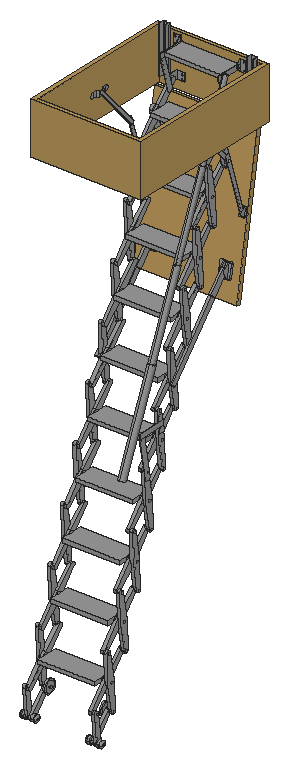
Revit family "schaartrap_Small+ 700x1000mm", category Generic Models, Revit 2019
Family settings
  Can host rebar = No
  Round Connector Dimension = Use Diameter
  Part Type = Normal
  Work Plane-Based = Yes
  Always vertical = Yes
  Cut with Voids When Loaded = No
  Shared = Yes
  Room Calculation Point = No
Parameters
  schaartrap = gietaluminium
  deksel = hout
  bovenliggende treden = yes
  URL = "https://www.gortergroup.com/nl/producten/ladders-en-trappen/schaartrappen/small.html"
  Model = "Small+ 700x1000mm"  # constant formula
  Default Elevation = 1219.2 mm
Reference planes
  plane 1 "Center (Front/Back)": y = 0
  plane 2: z = 0
  plane 3 "Center (Left/Right)": x = 0
  plane 4: x = 183
  plane 5: x = -183
  plane 6: x = 203
  plane 7: x = 223
  plane 8: x = -203
  plane 9: x = -223
  plane 10: x = 253
  plane 11: x = 342.5
  plane 12: x = -342.5
  plane 13: x = 317.5
  plane 14: x = -317.5
  plane 15: x = 187
  plane 16 "bk. omtimmering": z = 3320.001
  plane 17: z = 3000.001
  plane 18: y = 242.682
  plane 19: y = 1204.682
  plane 20: z = 3135.001
  plane 21: z = 3165.001
  plane 22: z = 3150.001
  plane 23: y = 686.932
  plane 24: y = 598.432
  plane 25: z = 3350.001
  plane 26: z = 3050.001
  plane 27: z = 3070.001
  plane 28: z = 3120.001
  plane 29: y = 1013.213
  plane 30 "traplijn": through (0, 968.74, 3290.82) normal (0, -0.9544, 0.2984)
  plane 31: y = 1232.682
  plane 32: y = 42.682
Forms (mm)
  Extrusion 1, solid, material "gietaluminium" <- "schaartrap", not visible
    sketch origin (0, -398.122, -16.699) x (0, 1, 0) y (0, 0, 1)
      loop
        arc (1345.27, 679.356) -> (1359.342, 680.691) -> (1360.501, 694.779) r 11.009
        arc (1360.501, 694.779) -> (1302.018, 771.51) -> (1238.126, 843.8) r 1330.136
        arc (1238.126, 843.8) -> (1184.721, 896.887) -> (1128.398, 946.866) r 1330.136
        arc (1128.398, 946.866) -> (1113.768, 946.811) -> (1112.128, 932.273) r 11.002
        arc (1112.128, 932.273) -> (1169.778, 856.571) -> (1232.692, 785.185) r 1330.136
        arc (1232.692, 785.185) -> (1287.443, 730.634) -> (1345.27, 679.356) r 1330.136
      loop
        arc (1247.649, 973.493) -> (1261.722, 974.828) -> (1262.881, 988.916) r 11.009
        arc (1262.881, 988.916) -> (1204.397, 1065.647) -> (1140.506, 1137.937) r 1330.136
        arc (1140.506, 1137.937) -> (1087.101, 1191.024) -> (1030.777, 1241.003) r 1330.136
        arc (1030.777, 1241.003) -> (1016.147, 1240.948) -> (1014.507, 1226.41) r 11.002
        arc (1014.507, 1226.41) -> (1072.157, 1150.708) -> (1135.072, 1079.322) r 1330.136
        arc (1135.072, 1079.322) -> (1189.822, 1024.772) -> (1247.649, 973.493) r 1330.136
      loop
        arc (1150.028, 1267.63) -> (1164.101, 1268.965) -> (1165.26, 1283.053) r 11.009
        arc (1165.26, 1283.053) -> (1106.776, 1359.784) -> (1042.885, 1432.074) r 1330.136
        arc (1042.885, 1432.074) -> (989.48, 1485.161) -> (933.156, 1535.141) r 1330.136
        arc (933.156, 1535.141) -> (918.526, 1535.085) -> (916.887, 1520.547) r 11.002
        arc (916.887, 1520.547) -> (974.536, 1444.846) -> (1037.451, 1373.459) r 1330.136
        arc (1037.451, 1373.459) -> (1092.202, 1318.909) -> (1150.028, 1267.63) r 1330.136
      loop
        arc (1052.408, 1561.768) -> (1066.48, 1563.102) -> (1067.639, 1577.19) r 11.009
        arc (1067.639, 1577.19) -> (1009.156, 1653.922) -> (945.264, 1726.212) r 1330.136
        arc (945.264, 1726.212) -> (891.859, 1779.298) -> (835.536, 1829.278) r 1330.136
        arc (835.536, 1829.278) -> (820.905, 1829.223) -> (819.266, 1814.684) r 11.002
        arc (819.266, 1814.684) -> (876.916, 1738.983) -> (939.83, 1667.596) r 1330.136
        arc (939.83, 1667.596) -> (994.581, 1613.046) -> (1052.408, 1561.768) r 1330.136
      loop
        arc (954.787, 1855.905) -> (968.859, 1857.24) -> (970.018, 1871.328) r 11.009
        arc (970.018, 1871.328) -> (911.535, 1948.059) -> (847.643, 2020.349) r 1330.136
        arc (847.643, 2020.349) -> (794.238, 2073.436) -> (737.915, 2123.415) r 1330.136
        arc (737.915, 2123.415) -> (723.284, 2123.36) -> (721.645, 2108.821) r 11.002
        arc (721.645, 2108.821) -> (779.295, 2033.12) -> (842.209, 1961.734) r 1330.136
        arc (842.209, 1961.734) -> (896.96, 1907.183) -> (954.787, 1855.905) r 1330.136
      loop
        arc (857.166, 2150.042) -> (871.238, 2151.377) -> (872.397, 2165.465) r 11.009
        arc (872.397, 2165.465) -> (813.914, 2242.196) -> (750.022, 2314.486) r 1330.136
        arc (750.022, 2314.486) -> (696.618, 2367.573) -> (640.294, 2417.552) r 1330.136
        arc (640.294, 2417.552) -> (625.664, 2417.497) -> (624.024, 2402.959) r 11.002
        arc (624.024, 2402.959) -> (681.674, 2327.257) -> (744.588, 2255.871) r 1330.136
        arc (744.588, 2255.871) -> (799.339, 2201.32) -> (857.166, 2150.042) r 1330.136
      loop
        arc (759.545, 2444.179) -> (773.618, 2445.514) -> (774.777, 2459.602) r 11.009
        arc (774.777, 2459.602) -> (716.293, 2536.333) -> (652.402, 2608.623) r 1330.136
        arc (652.402, 2608.623) -> (598.997, 2661.71) -> (542.673, 2711.689) r 1330.136
        arc (542.673, 2711.689) -> (528.043, 2711.634) -> (526.403, 2697.096) r 11.002
        arc (526.403, 2697.096) -> (584.053, 2621.394) -> (646.968, 2550.008) r 1330.136
        arc (646.968, 2550.008) -> (701.719, 2495.458) -> (759.545, 2444.179) r 1330.136
      loop
        arc (661.925, 2738.316) -> (675.997, 2739.651) -> (677.156, 2753.739) r 11.009
        arc (677.156, 2753.739) -> (618.672, 2830.47) -> (554.781, 2902.761) r 1330.136
        arc (554.781, 2902.761) -> (501.376, 2955.847) -> (445.052, 3005.827) r 1330.136
        arc (445.052, 3005.827) -> (430.422, 3005.771) -> (428.783, 2991.233) r 11.002
        arc (428.783, 2991.233) -> (486.433, 2915.532) -> (549.347, 2844.145) r 1330.136
        arc (549.347, 2844.145) -> (604.098, 2789.595) -> (661.925, 2738.316) r 1330.136
      loop
        arc (564.304, 3032.454) -> (578.376, 3033.789) -> (579.535, 3047.877) r 11.009
        arc (579.535, 3047.877) -> (521.052, 3124.608) -> (457.16, 3196.898) r 1330.136
        arc (457.16, 3196.898) -> (403.755, 3249.984) -> (347.432, 3299.964) r 1330.136
        arc (347.432, 3299.964) -> (332.801, 3299.909) -> (331.162, 3285.37) r 11.002
        arc (331.162, 3285.37) -> (388.812, 3209.669) -> (451.726, 3138.283) r 1330.136
        arc (451.726, 3138.283) -> (506.477, 3083.732) -> (564.304, 3032.454) r 1330.136
      loop
        arc (466.683, 3326.591) -> (480.755, 3327.926) -> (481.914, 3342.014) r 11.009
        arc (481.914, 3342.014) -> (423.431, 3418.745) -> (359.539, 3491.035) r 1330.136
        arc (359.539, 3491.035) -> (306.134, 3544.122) -> (249.811, 3594.101) r 1330.136
        arc (249.811, 3594.101) -> (235.181, 3594.046) -> (233.541, 3579.508) r 11.002
        arc (233.541, 3579.508) -> (291.191, 3503.806) -> (354.105, 3432.42) r 1330.136
        arc (354.105, 3432.42) -> (408.856, 3377.869) -> (466.683, 3326.591) r 1330.136
      loop
        arc (1226.374, 652.401) -> (1211.234, 652.532) -> (1210.3, 637.42) r 11.002
        line (1210.3, 637.42) -> (1323.446, 508.611)
        arc (1323.446, 508.611) -> (1344.097, 508.367) -> (1345.549, 528.968) r 15.051
        line (1345.549, 528.968) -> (1226.374, 652.401)
    from 366 to 386
  Extrusion 2, solid, material "gietaluminium" <- "schaartrap", not visible
    sketch origin (0, -398.122, -16.699) x (0, 1, 0) y (0, 0, 1)
      loop
        arc (1012.247, 1232.397) -> (1022.107, 1221.739) -> (1033.947, 1230.143) r 11
        arc (1033.947, 1230.143) -> (1062.693, 1399.497) -> (1069.374, 1571.143) r 1330.136
        arc (1069.374, 1571.143) -> (1059.514, 1581.801) -> (1047.674, 1573.397) r 11
        arc (1047.674, 1573.397) -> (1018.928, 1404.043) -> (1012.247, 1232.397) r 1330.136
      loop
        arc (1109.834, 938.249) -> (1119.694, 927.591) -> (1131.534, 935.994) r 11
        arc (1131.534, 935.994) -> (1160.28, 1105.348) -> (1166.961, 1276.994) r 1330.136
        arc (1166.961, 1276.994) -> (1157.101, 1287.653) -> (1145.261, 1279.249) r 11
        arc (1145.261, 1279.249) -> (1116.515, 1109.895) -> (1109.834, 938.249) r 1330.136
      loop
        arc (1207.422, 644.05) -> (1217.282, 633.392) -> (1229.122, 641.796) r 11
        arc (1229.122, 641.796) -> (1257.867, 811.15) -> (1264.548, 982.796) r 1330.136
        arc (1264.548, 982.796) -> (1254.689, 993.454) -> (1242.849, 985.05) r 11
        arc (1242.849, 985.05) -> (1214.103, 815.696) -> (1207.422, 644.05) r 1330.136
      loop
        arc (914.661, 1526.546) -> (924.52, 1515.887) -> (936.36, 1524.291) r 11
        arc (936.36, 1524.291) -> (965.106, 1693.645) -> (971.787, 1865.291) r 1330.136
        arc (971.787, 1865.291) -> (961.927, 1875.95) -> (950.087, 1867.546) r 11
        arc (950.087, 1867.546) -> (921.341, 1698.192) -> (914.661, 1526.546) r 1330.136
      loop
        arc (817.074, 1820.694) -> (826.933, 1810.036) -> (838.773, 1818.44) r 11
        arc (838.773, 1818.44) -> (867.519, 1987.794) -> (874.2, 2159.44) r 1330.136
        arc (874.2, 2159.44) -> (864.34, 2170.098) -> (852.5, 2161.694) r 11
        arc (852.5, 2161.694) -> (823.755, 1992.34) -> (817.074, 1820.694) r 1330.136
      loop
        arc (719.487, 2114.843) -> (729.346, 2104.184) -> (741.187, 2112.588) r 11
        arc (741.187, 2112.588) -> (769.932, 2281.942) -> (776.613, 2453.588) r 1330.136
        arc (776.613, 2453.588) -> (766.753, 2464.246) -> (754.913, 2455.843) r 11
        arc (754.913, 2455.843) -> (726.168, 2286.489) -> (719.487, 2114.843) r 1330.136
      loop
        arc (621.9, 2408.991) -> (631.76, 2398.333) -> (643.6, 2406.737) r 11
        arc (643.6, 2406.737) -> (672.345, 2576.091) -> (679.026, 2747.737) r 1330.136
        arc (679.026, 2747.737) -> (669.166, 2758.395) -> (657.326, 2749.991) r 11
        arc (657.326, 2749.991) -> (628.581, 2580.637) -> (621.9, 2408.991) r 1330.136
      loop
        arc (524.313, 2703.14) -> (534.173, 2692.481) -> (546.013, 2700.885) r 11
        arc (546.013, 2700.885) -> (574.758, 2870.239) -> (581.439, 3041.885) r 1330.136
        arc (581.439, 3041.885) -> (571.58, 3052.543) -> (559.739, 3044.139) r 11
        arc (559.739, 3044.139) -> (530.994, 2874.786) -> (524.313, 2703.14) r 1330.136
      loop
        arc (426.726, 2997.288) -> (436.586, 2986.63) -> (448.426, 2995.034) r 11
        arc (448.426, 2995.034) -> (477.171, 3164.387) -> (483.852, 3336.034) r 1330.136
        arc (483.852, 3336.034) -> (473.993, 3346.692) -> (462.153, 3338.288) r 11
        arc (462.153, 3338.288) -> (433.407, 3168.934) -> (426.726, 2997.288) r 1330.136
      loop
        arc (329.163, 3291.311) -> (339.005, 3280.669) -> (350.826, 3289.058) r 10.981
        arc (350.826, 3289.058) -> (367.995, 3373.596) -> (379.646, 3459.068) r 1330.146
        arc (379.646, 3459.068) -> (361.32, 3483.092) -> (336.219, 3466.272) r 22.051
        arc (336.219, 3466.272) -> (329.809, 3378.908) -> (329.163, 3291.311) r 1330.092
      loop
        line (1340.228, 689.759) -> (1318.416, 519.062)
        arc (1318.416, 519.062) -> (1332.005, 504.248) -> (1348.349, 515.952) r 15.158
        line (1348.349, 515.952) -> (1362.129, 687.902)
        arc (1362.129, 687.902) -> (1352.068, 699.325) -> (1340.228, 689.759) r 11
    from 386 to 406
  Extrusion 3, solid, material "gietaluminium" <- "schaartrap", not visible
    sketch origin (0, -403.664, 0) x (0, 1, 0) y (0, 0, 1)
      loop
        circle (1356.681, 671.665) r 5.05
      loop
        circle (1241.474, 797.045) r 5.05
      loop
        circle (1224.277, 627.784) r 5
      loop
        circle (1259.078, 965.75) r 5.05
      loop
        circle (1143.871, 1091.13) r 5.05
      loop
        circle (1126.673, 921.869) r 5
      loop
        circle (1161.636, 1259.347) r 5.05
      loop
        circle (1046.429, 1384.727) r 5.05
      loop
        circle (1029.232, 1215.466) r 5
      loop
        circle (1063.882, 1553.888) r 5.05
      loop
        circle (948.675, 1679.268) r 5.05
      loop
        circle (931.477, 1510.007) r 5
      loop
        circle (966.261, 1848.025) r 5.05
      loop
        circle (851.054, 1973.405) r 5.05
      loop
        circle (833.857, 1804.144) r 5
      loop
        circle (868.552, 2142.428) r 5.05
      loop
        circle (753.345, 2267.808) r 5.05
      loop
        circle (736.147, 2098.547) r 5
      loop
        circle (771.019, 2436.299) r 5.05
      loop
        circle (655.812, 2561.679) r 5.05
      loop
        circle (638.615, 2392.418) r 5
      loop
        circle (673.356, 2730.565) r 5.05
      loop
        circle (558.149, 2855.946) r 5.05
      loop
        circle (540.951, 2686.684) r 5
      loop
        circle (575.778, 3024.574) r 5.05
      loop
        circle (460.571, 3149.954) r 5.05
      loop
        circle (443.373, 2980.693) r 5
      loop
        circle (478.167, 3318.679) r 5.05
      loop
        circle (362.96, 3444.06) r 5.05
      loop
        circle (345.763, 3274.798) r 5
    from 406 to 411
  Extrusion 4, solid, material "gietaluminium" <- "schaartrap", not visible
    sketch origin (-7, 909.419, 480.751) x (0, 1, 0) y (0, 0, 1)
      loop
        arc (-64.83, 115.163) -> (-50.666, 158.467) -> (-86.234, 186.941) r 40
        arc (-86.234, 186.941) -> (-127.33, 135.606) -> (-64.83, 115.163) r 40
      loop
        arc (-67.678, 116.796) -> (-53.579, 157.739) -> (-87.993, 184.023) r 37
        arc (-87.993, 184.023) -> (-124.416, 136.334) -> (-67.678, 116.796) r 37
    from 359 to 370
  Extrusion 5, solid, material "gietaluminium" <- "schaartrap", not visible
    sketch origin (183, 909.419, 480.751) x (0, 1, 0) y (0, 0, 1)
      loop
        arc (-87.993, 184.023) -> (-124.416, 136.334) -> (-67.678, 116.796) r 37
        arc (-67.678, 116.796) -> (-53.579, 157.739) -> (-87.993, 184.023) r 37
    from 173 to 176.5
  Extrusion 6, solid, material "gietaluminium" <- "schaartrap", not visible
    sketch origin (701, 909.419, 480.751) x (0, 1, 0) y (0, 0, -1)
      loop
        circle (-88.998, -147.037) r 5
    from 359 to 335
  Sweep 7, solid, material "gietaluminium" <- "schaartrap", not visible
    path origin (216.86, 0, 0) x (0, 1, 0) y (0, 0, 1)
      loop
        line (138.969, 1377.523) -> (358.716, 1926.151)
    profile origin (216.86, 248.843, 1651.837) x (0, -0.928304, 0.371822) y (1, 0, 0)
      loop
        circle (0, 0) r 20
  Sweep 8, solid, material "gietaluminium" <- "schaartrap", not visible
    path origin (216.86, 219.747, 548.628) x (0, 1, 0) y (0, 0, 1)
      loop
        line (138.969, 1377.523) -> (326.789, 1846.441)
    profile origin (216.86, 452.626, 2160.61) x (0, -0.928304, 0.371822) y (1, 0, 0)
      loop
        circle (0, 0) r 17.5
  Sweep 9, solid, material "gietaluminium" <- "schaartrap", not visible
    path origin (216.86, 407.566, 1017.546) x (0, 1, 0) y (0, 0, 1)
      loop
        line (138.969, 1377.523) -> (326.023, 1844.528)
    profile origin (216.86, 640.062, 2628.571) x (0, -0.928304, 0.371822) y (1, 0, 0)
      loop
        circle (0, 0) r 15
  Sweep 10, solid, material "gietaluminium" <- "schaartrap", not visible
    path origin (216.86, 594.62, 1484.55) x (0, 1, 0) y (0, 0, 1)
      loop
        line (138.969, 1377.523) -> (311.867, 1809.184)
    profile origin (216.86, 820.038, 3077.904) x (0, -0.928304, 0.371822) y (1, 0, 0)
      loop
        circle (0, 0) r 12.5
  Extrusion 11, solid, material "gietaluminium" <- "schaartrap", not visible
    sketch origin (0, -55.079, 2.903) x (0, 0.999391, -0.034899) y (0, 0.034899, 0.999391)
      loop
        line (257, 1578.327) -> (321.445, 1318.401)
        arc (321.445, 1318.401) -> (337.162, 1316.563) -> (350.833, 1324.53) r 25
        line (350.833, 1324.53) -> (286.119, 1585.546)
        arc (286.119, 1585.546) -> (270.356, 1586.789) -> (257, 1578.327) r 25
    from 228 to 223
  Extrusion 12, solid, material "gietaluminium" <- "schaartrap", not visible
    sketch origin (0, -54.808, 2.422) x (0, 0.999391, -0.034899) y (0, 0.034899, 0.999391)
      loop
        line (427.314, 1610.964) -> (260.054, 1590.65)
        arc (260.054, 1590.65) -> (257.872, 1575.275) -> (263.671, 1560.869) r 30
        line (263.671, 1560.869) -> (428.945, 1580.942)
        arc (428.945, 1580.942) -> (432.162, 1596.172) -> (427.314, 1610.964) r 30
    from 228 to 233
  Extrusion 13, solid, material "gietaluminium" <- "schaartrap", not visible
    sketch origin (0, -4.787, -18.834) x (0, 1, 0) y (0, 0, 1)
      loop
        arc (417.587, 1545.835) -> (432.962, 1543.654) -> (447.368, 1549.452) r 30
        line (447.368, 1549.452) -> (435.678, 1645.707)
        arc (435.678, 1645.707) -> (420.302, 1647.888) -> (405.896, 1642.09) r 30
        line (405.896, 1642.09) -> (417.587, 1545.835)
    from 223 to 228
  Extrusion 14, solid, material "gietaluminium" <- "schaartrap", not visible
    sketch origin (0, 0.135, -7.499) x (0, 1, 0) y (0, 0, 1)
      loop
        line (280.038, 1590.328) -> (244.48, 1604.57) -> (233.326, 1576.721) -> (269.458, 1562.249)
        arc (269.458, 1562.249) -> (279.429, 1574.524) -> (280.038, 1590.328) r 25
    from 218 to 223
  Extrusion 15, solid, material "gietaluminium" <- "schaartrap", not visible
    sketch origin (160, 484.38, 1410.412) x (0, -0.984808, 0.173648) y (0, -0.173648, -0.984808)
      loop
        line (1092.668, -2221.443) -> (1080.939, -2154.925) -> (1067.888, -2182.785)
        arc (1067.888, -2182.785) -> (1066.785, -2192.201) -> (1071.549, -2200.398) r 15
        line (1071.549, -2200.398) -> (1092.668, -2221.443)
    from 206 to 210
  Extrusion 16, solid, material "gietaluminium" <- "schaartrap", not visible
    sketch origin (183, 1054.774, 482.845) x (0, -1, 0) y (0, 0, 1)
      loop
        circle (1250.616, 3274.338) r 5.05
    from -192 to -187
  Extrusion 17, solid, material "gietaluminium" <- "schaartrap", not visible
    sketch origin (183, 910.361, 505.654) x (0, 0.999688, 0.024992) y (0, -0.024992, 0.999688)
      loop
        line (-802.155, 2108.52) -> (-505.482, 1739.241) -> (-482.094, 1758.03) -> (-778.767, 2127.31) -> (-802.155, 2108.52)
      loop
        circle (-503.813, 1759.823) r 5.25
      loop
        circle (-516.339, 1775.415) r 5.25
      loop
        circle (-528.865, 1791.006) r 5.25
    from 223 to 238
  Extrusion 18, solid, material "gietaluminium" <- "schaartrap", not visible
    sketch origin (183, 983.156, 601.053) x (0, 0.999688, 0.024992) y (0, -0.024992, 0.999688)
      loop
        line (-973.518, 2130.732) -> (-879.26, 2013.405) -> (-851.974, 2035.326) -> (-946.233, 2152.653) -> (-973.518, 2130.732)
    from 223 to 238
  Extrusion 19, solid, material "gietaluminium" <- "schaartrap", not visible
    sketch origin (183, 1054.774, 482.845) x (0, 1, 0) y (0, 0, 1)
      loop
        line (-1097.768, 2267.866) -> (-1082.779, 2182.859) -> (-1064.873, 2221.083)
        arc (-1064.873, 2221.083) -> (-1063.528, 2228.913) -> (-1066.371, 2236.332) r 15
        line (-1066.371, 2236.332) -> (-1067.868, 2238.071) -> (-1097.768, 2267.866)
    from 238 to 246
  Extrusion 20, solid, material "gietaluminium" <- "schaartrap", not visible
    sketch origin (160, 1054.774, 482.845) x (0, 1, 0) y (0, 0, 1)
      loop
        line (-1097.768, 2267.866) -> (-1082.779, 2182.859) -> (-1064.873, 2221.083)
        arc (-1064.873, 2221.083) -> (-1063.528, 2228.913) -> (-1066.371, 2236.332) r 15
        line (-1066.371, 2236.332) -> (-1067.868, 2238.071) -> (-1097.768, 2267.866)
    from 238 to 246
  Extrusion 21, solid, material "gietaluminium" <- "schaartrap", not visible
    sketch origin (192.5, 1142.714, 482.845) x (0, -1, 0) y (0, 0, 1)
      loop
        line (1206.454, 2553.066) -> (1224.422, 2562.673) -> (1113.751, 2921.922) -> (1094.637, 2916.034) -> (1206.454, 2553.066)
    from -294 to -290
  Extrusion 22, solid, material "gietaluminium" <- "schaartrap", not visible
    sketch origin (192.5, 1054.774, 482.845) x (0, -1, 0) y (0, 0, 1)
      loop
        arc (1120.072, 2553.899) -> (1116.992, 2549.65) -> (1118.432, 2544.603) r 6
        line (1118.432, 2544.603) -> (1145.758, 2514.114) -> (1156.177, 2573.203) -> (1120.072, 2553.899)
      loop
        circle (1130.779, 2547.218) r 4
    from -298 to -294
  Extrusion 23, solid, not visible
    sketch origin (192.5, 1142.714, 482.845) x (0, -1, 0) y (0, 0, 1)
      loop
        circle (1114.793, 2884.573) r 4
    from -299 to -294
  Extrusion 24, solid, material "gietaluminium" <- "schaartrap", not visible
    sketch origin (183, 1797.488, 0) x (0, -1, 0) y (0, 0, -1)
      loop
        circle (959.678, -797.045) r 21
      loop
        circle (1057.298, -1091.182) r 21
      loop
        circle (1155.076, -1385.792) r 21
      loop
        circle (1252.54, -1679.457) r 21
      loop
        circle (1350.272, -1973.929) r 21
      loop
        circle (1447.87, -2267.997) r 21
      loop
        circle (1545.468, -2562.066) r 21
      loop
        circle (1643.066, -2856.135) r 21
      loop
        circle (1740.664, -3150.203) r 21
      loop
        circle (1838.265, -3444.28) r 21
    from 183 to 180
  Extrusion 25, solid, material "gietaluminium" <- "schaartrap"
    sketch origin (0, 941.744, -482.845) x (0, -1, 0) y (0, 0, -1)
      loop
        line (849.31, -814.091) -> (849.31, -790.099) -> (712.31, -790.099) -> (712.31, -814.091) -> (849.31, -814.091)
      loop
        line (751.707, -1108.177) -> (751.707, -1084.184) -> (614.707, -1084.184) -> (614.707, -1108.177) -> (751.707, -1108.177)
      loop
        line (654.265, -1401.773) -> (654.265, -1377.781) -> (517.265, -1377.781) -> (517.265, -1401.773) -> (654.265, -1401.773)
      loop
        line (556.511, -1696.314) -> (556.511, -1672.322) -> (419.511, -1672.322) -> (419.511, -1696.314) -> (556.511, -1696.314)
      loop
        line (458.756, -1990.854) -> (458.756, -1966.862) -> (321.756, -1966.862) -> (321.756, -1990.854) -> (458.756, -1990.854)
      loop
        line (361.002, -2285.395) -> (361.002, -2261.403) -> (224.002, -2261.403) -> (224.002, -2285.395) -> (361.002, -2285.395)
      loop
        line (263.247, -2579.935) -> (263.247, -2555.943) -> (126.247, -2555.943) -> (126.247, -2579.935) -> (263.247, -2579.935)
      loop
        line (165.492, -2874.476) -> (165.492, -2850.484) -> (28.492, -2850.484) -> (28.492, -2874.476) -> (165.492, -2874.476)
      loop
        line (67.738, -3169.016) -> (67.738, -3145.024) -> (-69.262, -3145.024) -> (-69.262, -3169.016) -> (67.738, -3169.016)
      loop
        line (-30.017, -3463.557) -> (-30.017, -3439.564) -> (-167.017, -3439.564) -> (-167.017, -3463.557) -> (-30.017, -3463.557)
      loop
        line (-127.772, -3758.097) -> (-127.772, -3734.105) -> (-264.772, -3734.105) -> (-264.772, -3758.097) -> (-127.772, -3758.097)
    from -176.5 to 176.5
  Extrusion 26, solid, material "gietaluminium" <- "schaartrap"
    sketch origin (-629, 86.97, 0) x (0, -1, 0) y (0, 0, -1)
      loop
        circle (23.97, -20) r 20
    from 446 to 466
  Sweep 27, solid, material "gietaluminium" <- "schaartrap"
    path origin (-163, 86.97, 0) x (0, -1, 0) y (0, 0, -1)
      loop
        circle (23.97, -20) r 20
    profile origin (-163, 63, 40) x (0, 0, -1) y (1, 0, 0)
      loop
        line (7.976, 0) -> (7.976, 10)
        arc (7.976, 10) -> (2.238, 6.396) -> (0, 0) r 10.257
        line (0, 0) -> (7.976, 0)
  Extrusion 28, solid, material "gietaluminium" <- "schaartrap"
    sketch origin (223, 86.97, 0) x (0, -1, 0) y (0, 0, 1)
      loop
        circle (23.97, 20) r 20
    from 446 to 466
  Sweep 29, solid, material "gietaluminium" <- "schaartrap"
    path origin (-243, 86.97, 0) x (0, -1, 0) y (0, 0, 1)
      loop
        circle (23.97, 20) r 20
    profile origin (-243, 63, 40) x (0, 0, 1) y (-1, 0, 0)
      loop
        line (-7.976, 0) -> (0, 0)
        arc (0, 0) -> (-2.238, 6.396) -> (-7.976, 10) r 10.257
        line (-7.976, 10) -> (-7.976, 0)
  Sweep 30, solid, material "hout" <- "deksel"
    path origin (0, 0, 3320.001) x (0, 1, 0) y (-1, 0, 0)
      loop
        line (1232.682, 342.5) -> (242.682, 342.5) -> (242.682, -342.5) -> (1232.682, -342.5) -> (1232.682, 342.5)
    profile origin (0, 1232.682, 3320.001) x (0, 1, 0) y (0, 0, 1)
      loop
        line (0, 0) -> (-24, 0) -> (-24, -320) -> (0, -320) -> (0, 0)
  Extrusion 31, solid, material "gietaluminium" <- "schaartrap"
    sketch origin (0, 143.97, 0) x (1, 0, 0) y (0, 0, 1)
      loop
        line (-223, 3305.001) -> (-223, 3236.875) -> (-183, 3236.875) -> (-183, 3305.001) -> (-223, 3305.001)
      loop
        circle (-212.846, 3295.232) r 5
      loop
        circle (-212.846, 3246.644) r 5
    from -1064.712 to -1060.712
  Extrusion 32, solid, material "gietaluminium" <- "schaartrap"
    sketch origin (0, 143.97, 0) x (-1, 0, 0) y (0, 0, -1)
      loop
        line (-223, -3305.001) -> (-183, -3305.001) -> (-183, -3236.875) -> (-223, -3236.875) -> (-223, -3305.001)
      loop
        circle (-212.846, -3295.232) r 5
      loop
        circle (-212.846, -3246.644) r 5
    from -1064.712 to -1060.712
  Extrusion 33, solid, material "gietaluminium" <- "schaartrap"
    sketch origin (0, 143.97, 0) x (1, 0, 0) y (0, 1, 0)
      loop
        line (-318.5, 647.962) -> (-318.5, 624.3) -> (-302.5, 613.097) -> (-302.5, 584.328) -> (-318.5, 573.125) -> (-318.5, 549.462) -> (-315.5, 549.462) -> (-315.5, 571.563) -> (-299.5, 582.766) -> (-299.5, 614.658) -> (-315.5, 625.862) -> (-315.5, 647.962) -> (-318.5, 647.962)
    from 3135.001 to 3165.001
  Extrusion 34, void
    sketch origin (0, 143.97, 0) x (0, 1, 0) y (0, 0, 1)
      loop
        circle (557.712, 3150.001) r 3.25
      loop
        circle (639.712, 3150.001) r 3.25
    from -342.5 to 342.5
  Extrusion 35, solid, material "gietaluminium" <- "schaartrap"
    sketch origin (-9.5, 143.97, 0) x (0, 1, 0) y (0, 0, 1)
      loop
        arc (603.094, 3160.245) -> (588.992, 3161.311) -> (587.926, 3147.209) r 10
        line (587.926, 3147.209) -> (822.585, 2874.197) -> (837.752, 2887.234) -> (603.094, 3160.245)
    from -290 to -286
  Extrusion 36, solid, material "gietaluminium" <- "schaartrap"
    sketch origin (0, 143.97, 0) x (0, 1, 0) y (0, 0, 1)
      loop
        line (647.962, 3165.001) -> (647.962, 3135.001)
        arc (647.962, 3135.001) -> (662.962, 3150.001) -> (647.962, 3165.001) r 15
      loop
        arc (549.462, 3165.001) -> (534.462, 3150.001) -> (549.462, 3135.001) r 15
        line (549.462, 3135.001) -> (549.462, 3165.001)
    from -318.5 to -315.5
  Extrusion 37, void
    sketch origin (0, 143.97, 0) x (0, 1, 0) y (0, 0, 1)
      loop
        circle (598.712, 3150.001) r 3.25
      loop
        circle (826.853, 2884.573) r 4
    from -317.5 to 318.5
  Extrusion 38, solid, material "gietaluminium" <- "schaartrap"
    sketch origin (0, 143.97, 0) x (-1, 0, 0) y (0, -1, 0)
      loop
        line (-318.5, -647.962) -> (-315.5, -647.962) -> (-315.5, -625.862) -> (-299.5, -614.658) -> (-299.5, -582.766) -> (-315.5, -571.563) -> (-315.5, -549.462) -> (-318.5, -549.462) -> (-318.5, -573.125) -> (-302.5, -584.328) -> (-302.5, -613.097) -> (-318.5, -624.3) -> (-318.5, -647.962)
    from 3135.001 to 3165.001
  Extrusion 39, solid, material "gietaluminium" <- "schaartrap"
    sketch origin (0, 143.97, 0) x (0, 1, 0) y (0, 0, -1)
      loop
        arc (647.962, -3165.001) -> (662.962, -3150.001) -> (647.962, -3135.001) r 15
        line (647.962, -3135.001) -> (647.962, -3165.001)
      loop
        line (549.462, -3165.001) -> (549.462, -3135.001)
        arc (549.462, -3135.001) -> (534.462, -3150.001) -> (549.462, -3165.001) r 15
    from -318.5 to -315.5
  Extrusion 40, solid, material "gietaluminium" <- "schaartrap"
    sketch origin (9.5, 143.97, 0) x (0, 1, 0) y (0, 0, -1)
      loop
        line (603.094, -3160.245) -> (837.752, -2887.234) -> (822.585, -2874.197) -> (587.926, -3147.209)
        arc (587.926, -3147.209) -> (588.992, -3161.311) -> (603.094, -3160.245) r 10
    from -290 to -286
  Extrusion 41, void
    sketch origin (0, 143.97, -15) x (1, 0, 0) y (0, 0, 1)
      loop
        circle (-167.264, 3109) r 5
      loop
        circle (-167.264, 3080.25) r 5
    from -1064.712 to -1060.712
  Extrusion 42, void
    sketch origin (0, 143.97, -15) x (-1, 0, 0) y (0, 0, -1)
      loop
        circle (-167.264, -3109) r 5
      loop
        circle (-167.264, -3080.25) r 5
    from -1064.712 to -1060.712
  Extrusion 43, solid, material "gietaluminium" <- "schaartrap"
    sketch origin (629, 86.97, 0) x (0, -1, 0) y (0, 0, 1)
      loop
        circle (23.97, 20) r 20
    from 446 to 466
  Sweep 44, solid, material "gietaluminium" <- "schaartrap"
    path origin (163, 86.97, 0) x (0, -1, 0) y (0, 0, 1)
      loop
        circle (23.97, 20) r 20
    profile origin (163, 63, 40) x (0, 0, 1) y (-1, 0, 0)
      loop
        line (-7.976, 0) -> (0, 0)
        arc (0, 0) -> (-2.238, 6.396) -> (-7.976, 10) r 10.257
        line (-7.976, 10) -> (-7.976, 0)
  Extrusion 45, solid, material "gietaluminium" <- "schaartrap"
    sketch origin (-223, 86.97, 0) x (0, -1, 0) y (0, 0, -1)
      loop
        circle (23.97, -20) r 20
    from 446 to 466
  Sweep 46, solid, material "gietaluminium" <- "schaartrap"
    path origin (243, 86.97, 0) x (0, -1, 0) y (0, 0, -1)
      loop
        circle (23.97, -20) r 20
    profile origin (243, 63, 40) x (0, 0, -1) y (1, 0, 0)
      loop
        line (7.976, 0) -> (7.976, 10)
        arc (7.976, 10) -> (2.238, 6.396) -> (0, 0) r 10.257
        line (0, 0) -> (7.976, 0)
  Extrusion 47, solid, material "gietaluminium" <- "schaartrap", not visible
    sketch origin (183, 1797.488, 0) x (0, -1, 0) y (0, 0, -1)
      loop
        circle (1838.191, -3444.06) r 5.05
      loop
        circle (1740.581, -3149.954) r 5.05
      loop
        circle (1643.003, -2855.946) r 5.05
      loop
        circle (1545.339, -2561.679) r 5.05
      loop
        circle (1447.807, -2267.808) r 5.05
      loop
        circle (1350.098, -1973.405) r 5.05
      loop
        circle (1252.477, -1679.268) r 5.05
      loop
        circle (1154.722, -1384.727) r 5.05
      loop
        circle (1057.281, -1091.13) r 5.05
      loop
        circle (959.678, -797.045) r 5.05
    from 180 to 176.5
  Extrusion 48, solid, material "gietaluminium" <- "schaartrap"
    sketch origin (0, 43.97, -15.495) x (0, -1, 0) y (0, 0, 1)
      loop
        arc (-1148.715, 3290.748) -> (-1163.715, 3275.748) -> (-1148.715, 3260.748) r 15
        line (-1148.715, 3260.748) -> (-1014.715, 3260.748)
        arc (-1014.715, 3260.748) -> (-999.715, 3275.748) -> (-1014.715, 3290.748) r 15
        line (-1014.715, 3290.748) -> (-1148.715, 3290.748)
    from 176.5 to 180
  Extrusion 49, solid, material "gietaluminium" <- "schaartrap"
    sketch origin (0, -2275.186, 2588.128) x (0, -0.45399, 0.891007) y (0, 0.891007, 0.45399)
      loop
        line (-920.381, 3290.748) -> (-1136.938, 3247.534)
        arc (-1136.938, 3247.534) -> (-1143.493, 3227.359) -> (-1123.318, 3220.804) r 15
        line (-1123.318, 3220.804) -> (-920.084, 3260.748) -> (-914.715, 3260.748)
        arc (-914.715, 3260.748) -> (-899.715, 3275.748) -> (-914.715, 3290.748) r 15
        line (-914.715, 3290.748) -> (-920.381, 3290.748)
    from 180 to 183
  Extrusion 50, void
    sketch origin (0, 56.03, -15.495) x (0, 1, 0) y (0, 0, 1)
      loop
        circle (1003.146, 3275.518) r 5.05
    from -223 to -148.627
  Extrusion 51, solid, material "gietaluminium" <- "schaartrap"
    sketch origin (0, 43.97, -15.495) x (0, -1, 0) y (0, 0, -1)
      loop
        line (-1148.715, -3290.748) -> (-1014.715, -3290.748)
        arc (-1014.715, -3290.748) -> (-999.715, -3275.748) -> (-1014.715, -3260.748) r 15
        line (-1014.715, -3260.748) -> (-1148.715, -3260.748)
        arc (-1148.715, -3260.748) -> (-1163.715, -3275.748) -> (-1148.715, -3290.748) r 15
    from 176.5 to 180
  Extrusion 52, solid, material "gietaluminium" <- "schaartrap"
    sketch origin (0, -2275.186, 2588.128) x (0, -0.45399, 0.891007) y (0, -0.891007, -0.45399)
      loop
        line (-920.381, -3290.748) -> (-914.715, -3290.748)
        arc (-914.715, -3290.748) -> (-899.715, -3275.748) -> (-914.715, -3260.748) r 15
        line (-914.715, -3260.748) -> (-920.084, -3260.748) -> (-1123.318, -3220.804)
        arc (-1123.318, -3220.804) -> (-1143.493, -3227.359) -> (-1136.938, -3247.534) r 15
        line (-1136.938, -3247.534) -> (-920.381, -3290.748)
    from 180 to 183
  Extrusion 53, void
    sketch origin (0, 56.03, -15.495) x (0, 1, 0) y (0, 0, -1)
      loop
        circle (1003.146, -3275.518) r 5.05
    from -223 to -148.627
  Extrusion 54, solid, material "gietaluminium" <- "schaartrap"
    sketch origin (183, 1396.865, -499.544) x (0, -1, 0) y (0, 0, 1)
      loop
        arc (1345.27, 679.356) -> (1359.342, 680.691) -> (1360.501, 694.779) r 11.009
        arc (1360.501, 694.779) -> (1302.018, 771.51) -> (1238.126, 843.8) r 1330.136
        arc (1238.126, 843.8) -> (1184.721, 896.887) -> (1128.398, 946.866) r 1330.136
        arc (1128.398, 946.866) -> (1113.768, 946.811) -> (1112.128, 932.273) r 11.002
        arc (1112.128, 932.273) -> (1169.778, 856.571) -> (1232.692, 785.185) r 1330.136
        arc (1232.692, 785.185) -> (1287.443, 730.634) -> (1345.27, 679.356) r 1330.136
      loop
        arc (1247.649, 973.493) -> (1261.722, 974.828) -> (1262.881, 988.916) r 11.009
        arc (1262.881, 988.916) -> (1204.397, 1065.647) -> (1140.506, 1137.937) r 1330.136
        arc (1140.506, 1137.937) -> (1087.101, 1191.024) -> (1030.777, 1241.003) r 1330.136
        arc (1030.777, 1241.003) -> (1016.147, 1240.948) -> (1014.507, 1226.41) r 11.002
        arc (1014.507, 1226.41) -> (1072.157, 1150.708) -> (1135.072, 1079.322) r 1330.136
        arc (1135.072, 1079.322) -> (1189.822, 1024.772) -> (1247.649, 973.493) r 1330.136
      loop
        arc (1150.028, 1267.63) -> (1164.101, 1268.965) -> (1165.26, 1283.053) r 11.009
        arc (1165.26, 1283.053) -> (1106.776, 1359.784) -> (1042.885, 1432.074) r 1330.136
        arc (1042.885, 1432.074) -> (989.48, 1485.161) -> (933.156, 1535.141) r 1330.136
        arc (933.156, 1535.141) -> (918.526, 1535.085) -> (916.887, 1520.547) r 11.002
        arc (916.887, 1520.547) -> (974.536, 1444.846) -> (1037.451, 1373.459) r 1330.136
        arc (1037.451, 1373.459) -> (1092.202, 1318.909) -> (1150.028, 1267.63) r 1330.136
      loop
        arc (1052.408, 1561.768) -> (1066.48, 1563.102) -> (1067.639, 1577.19) r 11.009
        arc (1067.639, 1577.19) -> (1009.156, 1653.922) -> (945.264, 1726.212) r 1330.136
        arc (945.264, 1726.212) -> (891.859, 1779.298) -> (835.536, 1829.278) r 1330.136
        arc (835.536, 1829.278) -> (820.905, 1829.223) -> (819.266, 1814.684) r 11.002
        arc (819.266, 1814.684) -> (876.916, 1738.983) -> (939.83, 1667.596) r 1330.136
        arc (939.83, 1667.596) -> (994.581, 1613.046) -> (1052.408, 1561.768) r 1330.136
      loop
        arc (954.787, 1855.905) -> (968.859, 1857.24) -> (970.018, 1871.328) r 11.009
        arc (970.018, 1871.328) -> (911.535, 1948.059) -> (847.643, 2020.349) r 1330.136
        arc (847.643, 2020.349) -> (794.238, 2073.436) -> (737.915, 2123.415) r 1330.136
        arc (737.915, 2123.415) -> (723.284, 2123.36) -> (721.645, 2108.821) r 11.002
        arc (721.645, 2108.821) -> (779.295, 2033.12) -> (842.209, 1961.734) r 1330.136
        arc (842.209, 1961.734) -> (896.96, 1907.183) -> (954.787, 1855.905) r 1330.136
      loop
        arc (857.166, 2150.042) -> (871.238, 2151.377) -> (872.397, 2165.465) r 11.009
        arc (872.397, 2165.465) -> (813.914, 2242.196) -> (750.022, 2314.486) r 1330.136
        arc (750.022, 2314.486) -> (696.618, 2367.573) -> (640.294, 2417.552) r 1330.136
        arc (640.294, 2417.552) -> (625.664, 2417.497) -> (624.024, 2402.959) r 11.002
        arc (624.024, 2402.959) -> (681.674, 2327.257) -> (744.588, 2255.871) r 1330.136
        arc (744.588, 2255.871) -> (799.339, 2201.32) -> (857.166, 2150.042) r 1330.136
      loop
        arc (759.545, 2444.179) -> (773.618, 2445.514) -> (774.777, 2459.602) r 11.009
        arc (774.777, 2459.602) -> (716.293, 2536.333) -> (652.402, 2608.623) r 1330.136
        arc (652.402, 2608.623) -> (598.997, 2661.71) -> (542.673, 2711.689) r 1330.136
        arc (542.673, 2711.689) -> (528.043, 2711.634) -> (526.403, 2697.096) r 11.002
        arc (526.403, 2697.096) -> (584.053, 2621.394) -> (646.968, 2550.008) r 1330.136
        arc (646.968, 2550.008) -> (701.719, 2495.458) -> (759.545, 2444.179) r 1330.136
      loop
        arc (661.925, 2738.316) -> (675.997, 2739.651) -> (677.156, 2753.739) r 11.009
        arc (677.156, 2753.739) -> (618.672, 2830.47) -> (554.781, 2902.761) r 1330.136
        arc (554.781, 2902.761) -> (501.376, 2955.847) -> (445.052, 3005.827) r 1330.136
        arc (445.052, 3005.827) -> (430.422, 3005.771) -> (428.783, 2991.233) r 11.002
        arc (428.783, 2991.233) -> (486.433, 2915.532) -> (549.347, 2844.145) r 1330.136
        arc (549.347, 2844.145) -> (604.098, 2789.595) -> (661.925, 2738.316) r 1330.136
      loop
        arc (564.304, 3032.454) -> (578.376, 3033.789) -> (579.535, 3047.877) r 11.009
        arc (579.535, 3047.877) -> (521.052, 3124.608) -> (457.16, 3196.898) r 1330.136
        arc (457.16, 3196.898) -> (403.755, 3249.984) -> (347.432, 3299.964) r 1330.136
        arc (347.432, 3299.964) -> (332.801, 3299.909) -> (331.162, 3285.37) r 11.002
        arc (331.162, 3285.37) -> (388.812, 3209.669) -> (451.726, 3138.283) r 1330.136
        arc (451.726, 3138.283) -> (506.477, 3083.732) -> (564.304, 3032.454) r 1330.136
      loop
        arc (466.683, 3326.591) -> (480.755, 3327.926) -> (481.914, 3342.014) r 11.009
        arc (481.914, 3342.014) -> (423.431, 3418.745) -> (359.539, 3491.035) r 1330.136
        arc (359.539, 3491.035) -> (306.134, 3544.122) -> (249.811, 3594.101) r 1330.136
        arc (249.811, 3594.101) -> (235.181, 3594.046) -> (233.541, 3579.508) r 11.002
        arc (233.541, 3579.508) -> (291.191, 3503.806) -> (354.105, 3432.42) r 1330.136
        arc (354.105, 3432.42) -> (408.856, 3377.869) -> (466.683, 3326.591) r 1330.136
      loop
        arc (1226.374, 652.401) -> (1211.234, 652.532) -> (1210.3, 637.42) r 11.002
        line (1210.3, 637.42) -> (1323.446, 508.611)
        arc (1323.446, 508.611) -> (1344.097, 508.367) -> (1345.549, 528.968) r 15.051
        line (1345.549, 528.968) -> (1226.374, 652.401)
    from 366 to 386
  Extrusion 55, solid, material "gietaluminium" <- "schaartrap"
    sketch origin (183, 1396.865, -499.544) x (0, -1, 0) y (0, 0, 1)
      loop
        arc (1012.247, 1232.397) -> (1022.107, 1221.739) -> (1033.947, 1230.143) r 11
        arc (1033.947, 1230.143) -> (1062.693, 1399.497) -> (1069.374, 1571.143) r 1330.136
        arc (1069.374, 1571.143) -> (1059.514, 1581.801) -> (1047.674, 1573.397) r 11
        arc (1047.674, 1573.397) -> (1018.928, 1404.043) -> (1012.247, 1232.397) r 1330.136
      loop
        arc (1109.834, 938.249) -> (1119.694, 927.591) -> (1131.534, 935.994) r 11
        arc (1131.534, 935.994) -> (1160.28, 1105.348) -> (1166.961, 1276.994) r 1330.136
        arc (1166.961, 1276.994) -> (1157.101, 1287.653) -> (1145.261, 1279.249) r 11
        arc (1145.261, 1279.249) -> (1116.515, 1109.895) -> (1109.834, 938.249) r 1330.136
      loop
        arc (1207.422, 644.05) -> (1217.282, 633.392) -> (1229.122, 641.796) r 11
        arc (1229.122, 641.796) -> (1257.867, 811.15) -> (1264.548, 982.796) r 1330.136
        arc (1264.548, 982.796) -> (1254.689, 993.454) -> (1242.849, 985.05) r 11
        arc (1242.849, 985.05) -> (1214.103, 815.696) -> (1207.422, 644.05) r 1330.136
      loop
        arc (914.661, 1526.546) -> (924.52, 1515.887) -> (936.36, 1524.291) r 11
        arc (936.36, 1524.291) -> (965.106, 1693.645) -> (971.787, 1865.291) r 1330.136
        arc (971.787, 1865.291) -> (961.927, 1875.95) -> (950.087, 1867.546) r 11
        arc (950.087, 1867.546) -> (921.341, 1698.192) -> (914.661, 1526.546) r 1330.136
      loop
        arc (817.074, 1820.694) -> (826.933, 1810.036) -> (838.773, 1818.44) r 11
        arc (838.773, 1818.44) -> (867.519, 1987.794) -> (874.2, 2159.44) r 1330.136
        arc (874.2, 2159.44) -> (864.34, 2170.098) -> (852.5, 2161.694) r 11
        arc (852.5, 2161.694) -> (823.755, 1992.34) -> (817.074, 1820.694) r 1330.136
      loop
        arc (719.487, 2114.843) -> (729.346, 2104.184) -> (741.187, 2112.588) r 11
        arc (741.187, 2112.588) -> (769.932, 2281.942) -> (776.613, 2453.588) r 1330.136
        arc (776.613, 2453.588) -> (766.753, 2464.246) -> (754.913, 2455.843) r 11
        arc (754.913, 2455.843) -> (726.168, 2286.489) -> (719.487, 2114.843) r 1330.136
      loop
        arc (621.9, 2408.991) -> (631.76, 2398.333) -> (643.6, 2406.737) r 11
        arc (643.6, 2406.737) -> (672.345, 2576.091) -> (679.026, 2747.737) r 1330.136
        arc (679.026, 2747.737) -> (669.166, 2758.395) -> (657.326, 2749.991) r 11
        arc (657.326, 2749.991) -> (628.581, 2580.637) -> (621.9, 2408.991) r 1330.136
      loop
        arc (524.313, 2703.14) -> (534.173, 2692.481) -> (546.013, 2700.885) r 11
        arc (546.013, 2700.885) -> (574.758, 2870.239) -> (581.439, 3041.885) r 1330.136
        arc (581.439, 3041.885) -> (571.58, 3052.543) -> (559.739, 3044.139) r 11
        arc (559.739, 3044.139) -> (530.994, 2874.786) -> (524.313, 2703.14) r 1330.136
      loop
        arc (426.726, 2997.288) -> (436.586, 2986.63) -> (448.426, 2995.034) r 11
        arc (448.426, 2995.034) -> (477.171, 3164.387) -> (483.852, 3336.034) r 1330.136
        arc (483.852, 3336.034) -> (473.993, 3346.692) -> (462.153, 3338.288) r 11
        arc (462.153, 3338.288) -> (433.407, 3168.934) -> (426.726, 2997.288) r 1330.136
      loop
        arc (329.163, 3291.311) -> (339.005, 3280.669) -> (350.826, 3289.058) r 10.981
        arc (350.826, 3289.058) -> (367.995, 3373.596) -> (379.646, 3459.068) r 1330.146
        arc (379.646, 3459.068) -> (361.32, 3483.092) -> (336.219, 3466.272) r 22.051
        arc (336.219, 3466.272) -> (329.809, 3378.908) -> (329.163, 3291.311) r 1330.092
      loop
        line (1340.228, 689.759) -> (1318.416, 519.062)
        arc (1318.416, 519.062) -> (1332.005, 504.248) -> (1348.349, 515.952) r 15.158
        line (1348.349, 515.952) -> (1362.129, 687.902)
        arc (1362.129, 687.902) -> (1352.068, 699.325) -> (1340.228, 689.759) r 11
    from 386 to 406
  Extrusion 56, solid, material "gietaluminium" <- "schaartrap"
    sketch origin (183, 1402.408, -482.845) x (0, -1, 0) y (0, 0, 1)
      loop
        circle (1356.681, 671.665) r 5.05
      loop
        circle (1241.474, 797.045) r 5.05
      loop
        circle (1224.277, 627.784) r 5
      loop
        circle (1259.078, 965.75) r 5.05
      loop
        circle (1143.871, 1091.13) r 5.05
      loop
        circle (1126.673, 921.869) r 5
      loop
        circle (1161.636, 1259.347) r 5.05
      loop
        circle (1046.429, 1384.727) r 5.05
      loop
        circle (1029.232, 1215.466) r 5
      loop
        circle (1063.882, 1553.888) r 5.05
      loop
        circle (948.675, 1679.268) r 5.05
      loop
        circle (931.477, 1510.007) r 5
      loop
        circle (966.261, 1848.025) r 5.05
      loop
        circle (851.054, 1973.405) r 5.05
      loop
        circle (833.857, 1804.144) r 5
      loop
        circle (868.552, 2142.428) r 5.05
      loop
        circle (753.345, 2267.808) r 5.05
      loop
        circle (736.147, 2098.547) r 5
      loop
        circle (771.019, 2436.299) r 5.05
      loop
        circle (655.812, 2561.679) r 5.05
      loop
        circle (638.615, 2392.418) r 5
      loop
        circle (673.356, 2730.565) r 5.05
      loop
        circle (558.149, 2855.946) r 5.05
      loop
        circle (540.951, 2686.684) r 5
      loop
        circle (575.778, 3024.574) r 5.05
      loop
        circle (460.571, 3149.954) r 5.05
      loop
        circle (443.373, 2980.693) r 5
      loop
        circle (478.167, 3318.679) r 5.05
      loop
        circle (362.96, 3444.06) r 5.05
      loop
        circle (345.763, 3274.798) r 5
    from 406 to 411
  Extrusion 57, solid, material "gietaluminium" <- "schaartrap"
    sketch origin (190, 89.325, -2.094) x (0, -1, 0) y (0, 0, 1)
      loop
        arc (-64.83, 115.163) -> (-50.666, 158.467) -> (-86.234, 186.941) r 40
        arc (-86.234, 186.941) -> (-127.33, 135.606) -> (-64.83, 115.163) r 40
      loop
        arc (-67.678, 116.796) -> (-53.579, 157.739) -> (-87.993, 184.023) r 37
        arc (-87.993, 184.023) -> (-124.416, 136.334) -> (-67.678, 116.796) r 37
    from 359 to 370
  Extrusion 58, solid, material "gietaluminium" <- "schaartrap"
    sketch origin (0, 89.325, -2.094) x (0, -1, 0) y (0, 0, 1)
      loop
        arc (-87.993, 184.023) -> (-124.416, 136.334) -> (-67.678, 116.796) r 37
        arc (-67.678, 116.796) -> (-53.579, 157.739) -> (-87.993, 184.023) r 37
    from 173 to 176.5
  Extrusion 59, solid, material "gietaluminium" <- "schaartrap"
    sketch origin (-518, 89.325, -2.094) x (0, -1, 0) y (0, 0, -1)
      loop
        circle (-88.998, -147.037) r 5
    from 359 to 335
  Extrusion 60, solid, material "gietaluminium" <- "schaartrap"
    sketch origin (23, 514.364, 927.567) x (0, 0.984808, 0.173648) y (0, 0.173648, -0.984808)
      loop
        line (1092.668, -2221.443) -> (1080.939, -2154.925) -> (1067.888, -2182.785)
        arc (1067.888, -2182.785) -> (1066.785, -2192.201) -> (1071.549, -2200.398) r 15
        line (1071.549, -2200.398) -> (1092.668, -2221.443)
    from 206 to 210
  Extrusion 61, solid, material "gietaluminium" <- "schaartrap"
    sketch origin (0, -56.03, 0) x (0, 1, 0) y (0, 0, 1)
      loop
        circle (1250.616, 3274.338) r 5.05
    from -192 to -187
  Extrusion 62, solid, material "gietaluminium" <- "schaartrap"
    sketch origin (0, 88.383, 22.809) x (0, -0.999688, 0.024992) y (0, 0.024992, 0.999688)
      loop
        line (-802.155, 2108.52) -> (-505.482, 1739.241) -> (-482.094, 1758.03) -> (-778.767, 2127.31) -> (-802.155, 2108.52)
      loop
        circle (-503.813, 1759.823) r 5.25
      loop
        circle (-516.339, 1775.415) r 5.25
      loop
        circle (-528.865, 1791.006) r 5.25
    from 223 to 238
  Extrusion 63, solid, material "gietaluminium" <- "schaartrap"
    sketch origin (0, 15.588, 118.208) x (0, -0.999688, 0.024992) y (0, 0.024992, 0.999688)
      loop
        line (-973.518, 2130.732) -> (-879.26, 2013.405) -> (-851.974, 2035.326) -> (-946.233, 2152.653) -> (-973.518, 2130.732)
    from 223 to 238
  Extrusion 64, solid, material "gietaluminium" <- "schaartrap"
    sketch origin (0, -56.03, 0) x (0, -1, 0) y (0, 0, 1)
      loop
        line (-1097.768, 2267.866) -> (-1082.779, 2182.859) -> (-1064.873, 2221.083)
        arc (-1064.873, 2221.083) -> (-1063.528, 2228.913) -> (-1066.371, 2236.332) r 15
        line (-1066.371, 2236.332) -> (-1067.868, 2238.071) -> (-1097.768, 2267.866)
    from 238 to 246
  Extrusion 65, solid, material "gietaluminium" <- "schaartrap"
    sketch origin (23, -56.03, 0) x (0, -1, 0) y (0, 0, 1)
      loop
        line (-1097.768, 2267.866) -> (-1082.779, 2182.859) -> (-1064.873, 2221.083)
        arc (-1064.873, 2221.083) -> (-1063.528, 2228.913) -> (-1066.371, 2236.332) r 15
        line (-1066.371, 2236.332) -> (-1067.868, 2238.071) -> (-1097.768, 2267.866)
    from 238 to 246
  Extrusion 66, solid, material "gietaluminium" <- "schaartrap"
    sketch origin (-9.5, -143.97, 0) x (0, 1, 0) y (0, 0, 1)
      loop
        line (1206.454, 2553.066) -> (1224.422, 2562.673) -> (1113.751, 2921.922) -> (1094.637, 2916.034) -> (1206.454, 2553.066)
    from -294 to -290
  Extrusion 67, solid, material "gietaluminium" <- "schaartrap"
    sketch origin (-9.5, -56.03, 0) x (0, 1, 0) y (0, 0, 1)
      loop
        arc (1120.072, 2553.899) -> (1116.992, 2549.65) -> (1118.432, 2544.603) r 6
        line (1118.432, 2544.603) -> (1145.758, 2514.114) -> (1156.177, 2573.203) -> (1120.072, 2553.899)
      loop
        circle (1130.779, 2547.218) r 4
    from -298 to -294
  Extrusion 68, solid
    sketch origin (-9.5, -143.97, 0) x (0, 1, 0) y (0, 0, 1)
      loop
        circle (1114.793, 2884.573) r 4
    from -299 to -294
  Extrusion 69, solid, material "gietaluminium" <- "schaartrap"
    sketch origin (0, -798.744, -482.845) x (0, 1, 0) y (0, 0, -1)
      loop
        circle (959.678, -797.045) r 21
      loop
        circle (1057.298, -1091.182) r 21
      loop
        circle (1155.076, -1385.792) r 21
      loop
        circle (1252.54, -1679.457) r 21
      loop
        circle (1350.272, -1973.929) r 21
      loop
        circle (1447.87, -2267.997) r 21
      loop
        circle (1545.468, -2562.066) r 21
      loop
        circle (1643.066, -2856.135) r 21
      loop
        circle (1740.664, -3150.203) r 21
      loop
        circle (1838.265, -3444.28) r 21
    from 183 to 180
  Extrusion 70, solid, material "gietaluminium" <- "schaartrap"
    sketch origin (0, -798.744, -482.845) x (0, 1, 0) y (0, 0, -1)
      loop
        circle (1838.191, -3444.06) r 5.05
      loop
        circle (1740.581, -3149.954) r 5.05
      loop
        circle (1643.003, -2855.946) r 5.05
      loop
        circle (1545.339, -2561.679) r 5.05
      loop
        circle (1447.807, -2267.808) r 5.05
      loop
        circle (1350.098, -1973.405) r 5.05
      loop
        circle (1252.477, -1679.268) r 5.05
      loop
        circle (1154.722, -1384.727) r 5.05
      loop
        circle (1057.281, -1091.13) r 5.05
      loop
        circle (959.678, -797.045) r 5.05
    from 180 to 176.5
  Extrusion 71, solid, material "gietaluminium" <- "schaartrap"
    sketch origin (0, 798.744, -482.845) x (0, -1, 0) y (0, 0, -1)
      loop
        circle (637.81, -797.045) r 21
      loop
        circle (540.19, -1091.182) r 21
      loop
        circle (442.412, -1385.792) r 21
      loop
        circle (344.948, -1679.457) r 21
      loop
        circle (247.216, -1973.929) r 21
      loop
        circle (149.618, -2267.997) r 21
      loop
        circle (52.02, -2562.066) r 21
      loop
        circle (-45.578, -2856.135) r 21
      loop
        circle (-143.176, -3150.203) r 21
      loop
        circle (-240.777, -3444.28) r 21
    from 183 to 180
  Extrusion 72, solid, material "gietaluminium" <- "schaartrap"
    sketch origin (-183, -1396.865, -499.544) x (0, 1, 0) y (0, 0, 1)
      loop
        arc (1448.461, 679.356) -> (1506.288, 730.634) -> (1561.039, 785.185) r 1330.136
        arc (1561.039, 785.185) -> (1623.953, 856.571) -> (1681.603, 932.273) r 1330.136
        arc (1681.603, 932.273) -> (1679.963, 946.811) -> (1665.333, 946.866) r 11.002
        arc (1665.333, 946.866) -> (1609.01, 896.887) -> (1555.605, 843.8) r 1330.136
        arc (1555.605, 843.8) -> (1491.713, 771.51) -> (1433.23, 694.779) r 1330.136
        arc (1433.23, 694.779) -> (1434.389, 680.691) -> (1448.461, 679.356) r 11.009
      loop
        arc (1546.082, 973.493) -> (1603.909, 1024.772) -> (1658.659, 1079.322) r 1330.136
        arc (1658.659, 1079.322) -> (1721.574, 1150.708) -> (1779.224, 1226.41) r 1330.136
        arc (1779.224, 1226.41) -> (1777.584, 1240.948) -> (1762.954, 1241.003) r 11.002
        arc (1762.954, 1241.003) -> (1706.63, 1191.024) -> (1653.225, 1137.937) r 1330.136
        arc (1653.225, 1137.937) -> (1589.334, 1065.647) -> (1530.85, 988.916) r 1330.136
        arc (1530.85, 988.916) -> (1532.009, 974.828) -> (1546.082, 973.493) r 11.009
      loop
        arc (1643.703, 1267.63) -> (1701.529, 1318.909) -> (1756.28, 1373.459) r 1330.136
        arc (1756.28, 1373.459) -> (1819.195, 1444.846) -> (1876.844, 1520.547) r 1330.136
        arc (1876.844, 1520.547) -> (1875.205, 1535.085) -> (1860.575, 1535.141) r 11.002
        arc (1860.575, 1535.141) -> (1804.251, 1485.161) -> (1750.846, 1432.074) r 1330.136
        arc (1750.846, 1432.074) -> (1686.955, 1359.784) -> (1628.471, 1283.053) r 1330.136
        arc (1628.471, 1283.053) -> (1629.63, 1268.965) -> (1643.703, 1267.63) r 11.009
      loop
        arc (1741.323, 1561.768) -> (1799.15, 1613.046) -> (1853.901, 1667.596) r 1330.136
        arc (1853.901, 1667.596) -> (1916.815, 1738.983) -> (1974.465, 1814.684) r 1330.136
        arc (1974.465, 1814.684) -> (1972.826, 1829.223) -> (1958.195, 1829.278) r 11.002
        arc (1958.195, 1829.278) -> (1901.872, 1779.298) -> (1848.467, 1726.212) r 1330.136
        arc (1848.467, 1726.212) -> (1784.575, 1653.922) -> (1726.092, 1577.19) r 1330.136
        arc (1726.092, 1577.19) -> (1727.251, 1563.102) -> (1741.323, 1561.768) r 11.009
      loop
        arc (1838.944, 1855.905) -> (1896.771, 1907.183) -> (1951.522, 1961.734) r 1330.136
        arc (1951.522, 1961.734) -> (2014.436, 2033.12) -> (2072.086, 2108.821) r 1330.136
        arc (2072.086, 2108.821) -> (2070.447, 2123.36) -> (2055.816, 2123.415) r 11.002
        arc (2055.816, 2123.415) -> (1999.493, 2073.436) -> (1946.088, 2020.349) r 1330.136
        arc (1946.088, 2020.349) -> (1882.196, 1948.059) -> (1823.713, 1871.328) r 1330.136
        arc (1823.713, 1871.328) -> (1824.872, 1857.24) -> (1838.944, 1855.905) r 11.009
      loop
        arc (1936.565, 2150.042) -> (1994.392, 2201.32) -> (2049.143, 2255.871) r 1330.136
        arc (2049.143, 2255.871) -> (2112.057, 2327.257) -> (2169.707, 2402.959) r 1330.136
        arc (2169.707, 2402.959) -> (2168.067, 2417.497) -> (2153.437, 2417.552) r 11.002
        arc (2153.437, 2417.552) -> (2097.113, 2367.573) -> (2043.708, 2314.486) r 1330.136
        arc (2043.708, 2314.486) -> (1979.817, 2242.196) -> (1921.334, 2165.465) r 1330.136
        arc (1921.334, 2165.465) -> (1922.493, 2151.377) -> (1936.565, 2150.042) r 11.009
      loop
        arc (2034.186, 2444.179) -> (2092.012, 2495.458) -> (2146.763, 2550.008) r 1330.136
        arc (2146.763, 2550.008) -> (2209.678, 2621.394) -> (2267.328, 2697.096) r 1330.136
        arc (2267.328, 2697.096) -> (2265.688, 2711.634) -> (2251.058, 2711.689) r 11.002
        arc (2251.058, 2711.689) -> (2194.734, 2661.71) -> (2141.329, 2608.623) r 1330.136
        arc (2141.329, 2608.623) -> (2077.438, 2536.333) -> (2018.954, 2459.602) r 1330.136
        arc (2018.954, 2459.602) -> (2020.113, 2445.514) -> (2034.186, 2444.179) r 11.009
      loop
        arc (2131.806, 2738.316) -> (2189.633, 2789.595) -> (2244.384, 2844.145) r 1330.136
        arc (2244.384, 2844.145) -> (2307.298, 2915.532) -> (2364.948, 2991.233) r 1330.136
        arc (2364.948, 2991.233) -> (2363.309, 3005.771) -> (2348.679, 3005.827) r 11.002
        arc (2348.679, 3005.827) -> (2292.355, 2955.847) -> (2238.95, 2902.761) r 1330.136
        arc (2238.95, 2902.761) -> (2175.059, 2830.47) -> (2116.575, 2753.739) r 1330.136
        arc (2116.575, 2753.739) -> (2117.734, 2739.651) -> (2131.806, 2738.316) r 11.009
      loop
        arc (2229.427, 3032.454) -> (2287.254, 3083.732) -> (2342.005, 3138.283) r 1330.136
        arc (2342.005, 3138.283) -> (2404.919, 3209.669) -> (2462.569, 3285.37) r 1330.136
        arc (2462.569, 3285.37) -> (2460.93, 3299.909) -> (2446.299, 3299.964) r 11.002
        arc (2446.299, 3299.964) -> (2389.976, 3249.984) -> (2336.571, 3196.898) r 1330.136
        arc (2336.571, 3196.898) -> (2272.679, 3124.608) -> (2214.196, 3047.877) r 1330.136
        arc (2214.196, 3047.877) -> (2215.355, 3033.789) -> (2229.427, 3032.454) r 11.009
      loop
        arc (2327.048, 3326.591) -> (2384.875, 3377.869) -> (2439.626, 3432.42) r 1330.136
        arc (2439.626, 3432.42) -> (2502.54, 3503.806) -> (2560.19, 3579.508) r 1330.136
        arc (2560.19, 3579.508) -> (2558.55, 3594.046) -> (2543.92, 3594.101) r 11.002
        arc (2543.92, 3594.101) -> (2487.597, 3544.122) -> (2434.192, 3491.035) r 1330.136
        arc (2434.192, 3491.035) -> (2370.3, 3418.745) -> (2311.817, 3342.014) r 1330.136
        arc (2311.817, 3342.014) -> (2312.976, 3327.926) -> (2327.048, 3326.591) r 11.009
      loop
        line (1567.357, 652.401) -> (1448.182, 528.968)
        arc (1448.182, 528.968) -> (1449.634, 508.367) -> (1470.285, 508.611) r 15.051
        line (1470.285, 508.611) -> (1583.431, 637.42)
        arc (1583.431, 637.42) -> (1582.497, 652.532) -> (1567.357, 652.401) r 11.002
    from 366 to 386
  Extrusion 73, solid, material "gietaluminium" <- "schaartrap"
    sketch origin (-183, -1396.865, -499.544) x (0, 1, 0) y (0, 0, 1)
      loop
        arc (1781.484, 1232.397) -> (1774.803, 1404.043) -> (1746.057, 1573.397) r 1330.136
        arc (1746.057, 1573.397) -> (1734.217, 1581.801) -> (1724.357, 1571.143) r 11
        arc (1724.357, 1571.143) -> (1731.038, 1399.497) -> (1759.784, 1230.143) r 1330.136
        arc (1759.784, 1230.143) -> (1771.624, 1221.739) -> (1781.484, 1232.397) r 11
      loop
        arc (1683.897, 938.249) -> (1677.216, 1109.895) -> (1648.47, 1279.249) r 1330.136
        arc (1648.47, 1279.249) -> (1636.63, 1287.653) -> (1626.77, 1276.994) r 11
        arc (1626.77, 1276.994) -> (1633.451, 1105.348) -> (1662.197, 935.994) r 1330.136
        arc (1662.197, 935.994) -> (1674.037, 927.591) -> (1683.897, 938.249) r 11
      loop
        arc (1586.309, 644.05) -> (1579.628, 815.696) -> (1550.882, 985.05) r 1330.136
        arc (1550.882, 985.05) -> (1539.042, 993.454) -> (1529.183, 982.796) r 11
        arc (1529.183, 982.796) -> (1535.864, 811.15) -> (1564.609, 641.796) r 1330.136
        arc (1564.609, 641.796) -> (1576.449, 633.392) -> (1586.309, 644.05) r 11
      loop
        arc (1879.07, 1526.546) -> (1872.39, 1698.192) -> (1843.644, 1867.546) r 1330.136
        arc (1843.644, 1867.546) -> (1831.804, 1875.95) -> (1821.944, 1865.291) r 11
        arc (1821.944, 1865.291) -> (1828.625, 1693.645) -> (1857.371, 1524.291) r 1330.136
        arc (1857.371, 1524.291) -> (1869.211, 1515.887) -> (1879.07, 1526.546) r 11
      loop
        arc (1976.657, 1820.694) -> (1969.976, 1992.34) -> (1941.231, 2161.694) r 1330.136
        arc (1941.231, 2161.694) -> (1929.391, 2170.098) -> (1919.531, 2159.44) r 11
        arc (1919.531, 2159.44) -> (1926.212, 1987.794) -> (1954.958, 1818.44) r 1330.136
        arc (1954.958, 1818.44) -> (1966.798, 1810.036) -> (1976.657, 1820.694) r 11
      loop
        arc (2074.244, 2114.843) -> (2067.563, 2286.489) -> (2038.818, 2455.843) r 1330.136
        arc (2038.818, 2455.843) -> (2026.978, 2464.246) -> (2017.118, 2453.588) r 11
        arc (2017.118, 2453.588) -> (2023.799, 2281.942) -> (2052.544, 2112.588) r 1330.136
        arc (2052.544, 2112.588) -> (2064.385, 2104.184) -> (2074.244, 2114.843) r 11
      loop
        arc (2171.831, 2408.991) -> (2165.15, 2580.637) -> (2136.405, 2749.991) r 1330.136
        arc (2136.405, 2749.991) -> (2124.565, 2758.395) -> (2114.705, 2747.737) r 11
